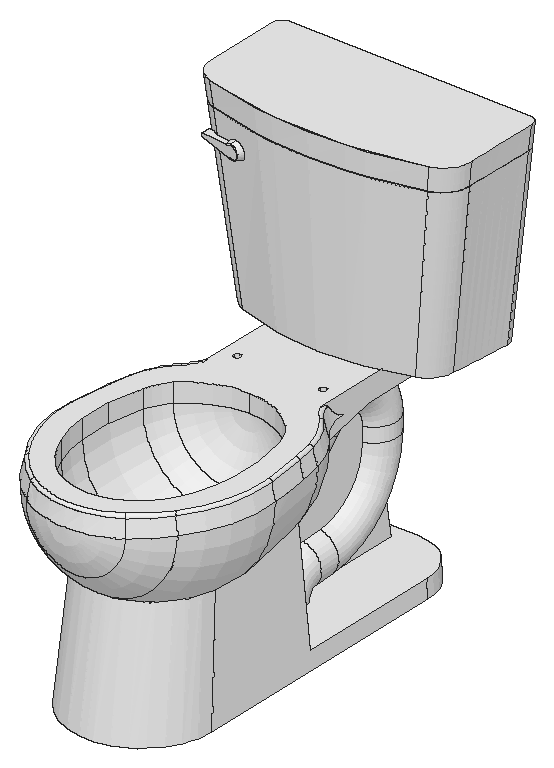
Revit family "Toilet-Floor_Mount-Sloan-WETS-8029_Series", category Plumbing Fixtures, Revit 2014
Parameters (values of type "WETS-8029.8010")
  Width = 18 1/8"
  Waste Connection Radius = 1 1/16"
  Waste Connection Diameter = Waste Connection Radius * 2  # 2 1/8"
  Waste Connection = yes
  WFU = 10
  Vent Connection = no
  URL = "https://www.sloan.com"
  Spud Location = "Top Spud"
  Right Handle = no
  Product Page URL = ""
  Price = "Prices may vary. Please consult Manufacturer Representative for most up-to-date price list."  # constant formula
  Mounting = "Floor Mount"
  Model = "WETS-8029.8010"
  Material = "Vitreous China-Sloan-White"
  Manufacturer = "Sloan"
  Length = 30 3/8"
  Left Handle = yes
  Height = 29 5/8"  # constant formula
  HWFU = 0
  HW Connection = no
  Glaze = "Conventional"
  Flush Volume(s)/Flow Rate(s) = "1.28 gpf/4.8 Lpf"
  Fixture Color = "White"
  Description = "ADA floor mounted elongated pressure assist toilet"  # constant formula
  Default Elevation = 0"
  Creation Date = "4/27/2018"  # constant formula
  Cold Water Connection Radius = 1/4"
  Cold Water Connection Diameter = Cold Water Connection Radius * 2  # 1/2"
  CWFU = 10
  CW Connection = yes
  Assembly Code = "D2010110"
  ADA Compliant = yes
Types (12): name | Right Handle | Model | Left Handle | Glaze | Flush Volume(s)/Flow Rate(s)
  WETS-8029.8016 | no | "WETS-8029.8016" | yes | "Conventional" | "1.0 gpf/3.8 Lpf"
  WETS-8029.8010 | no | "WETS-8029.8010" | yes | "Conventional" | "1.28 gpf/4.8 Lpf"
  WETS-8029.8013 | no | "WETS-8029.8013" | yes | "Conventional" | "1.6 gpf/6.0 Lpf"
  WETS-8029.8116 | yes | "WETS-8029.8116" | no | "Conventional" | "1.0 gpf/3.8 Lpf"
  WETS-8029.8110 | yes | "WETS-8029.8110" | no | "Conventional" | "1.28 gpf/4.8 Lpf"
  WETS-8029.8113 | yes | "WETS-8029.8113" | no | "Conventional" | "1.6 gpf/6.0 Lpf"
  WETS-8029.8010-STG | no | "WETS-8029.8010-STG" | yes | "SloanTec" | "1.28 gpf/4.8 Lpf"
  WETS-8029.8013-STG | no | "WETS-8029.8013" | yes | "SloanTec" | "1.6 gpf/6.0 Lpf"
  WETS-8029.8016-STG | no | "WETS-8029.8016-STG" | yes | "SloanTec" | "1.0 gpf/3.8 Lpf"
  WETS-8029.8113-STG | yes | "WETS-8029.8113-STG" | no | "SloanTec" | "1.6 gpf/6.0 Lpf"
  WETS-8029.8116-STG | yes | "WETS-8029.8116-STG" | no | "SloanTec" | "1.0 gpf/3.8 Lpf"
  WETS-8029.8110-STG | yes | "WETS-8029.8110-STG" | no | "SloanTec" | "1.28 gpf/4.8 Lpf"
Reference planes
  plane 1 "Center (Front/Back)": y = 0
  plane 2: z = 0
  plane 3 "Center (Left/Right)": x = 0
  plane 4: x = -201.612
  plane 5: x = 201.613
  plane 6: z = 752.475
  plane 7: z = 254
  plane 8: y = -19.05
  plane 9: y = -790.575
  plane 10: z = 393.7
  plane 11: y = -307.975
  plane 12: y = -304.8
  plane 13: y = -739.775
  plane 14: x = -231.775
  plane 15: x = 231.775
  plane 16: x = -187.325
  plane 17: x = 187.325
  plane 18: y = -762.786
  plane 19: y = -247.65
  plane 20: x = -104.339
  plane 21: x = 104.339
  plane 22: x = -76.2
  plane 23: x = 76.2
Forms (mm)
  Blend 1, solid, material "Vitreous China-Sloan-White"
    base sketch origin (0, 0, 0) x (1, 0, 0) y (0, 1, 0)
      loop
        arc (-34.925, -45.045) -> (-97.787, -71.084) -> (-123.825, -133.945) r 88.9
        line (-123.825, -133.945) -> (-123.825, -615.95)
        arc (-123.825, -615.95) -> (0, -739.775) -> (123.825, -615.95) r 123.825
        line (123.825, -615.95) -> (123.825, -133.945)
        arc (123.825, -133.945) -> (97.787, -71.084) -> (34.925, -45.045) r 88.9
        line (34.925, -45.045) -> (-34.925, -45.045)
    top sketch origin (0, 0, 0) x (1, 0, 0) y (0, 1, 0)
      loop
        arc (-109.537, -584.301) -> (0, -693.838) -> (109.537, -584.301) r 109.537
        line (109.537, -584.301) -> (109.537, -133.945)
        arc (109.537, -133.945) -> (83.499, -71.084) -> (20.637, -45.045) r 88.9
        line (20.637, -45.045) -> (-20.637, -45.045)
        arc (-20.637, -45.045) -> (-83.499, -71.084) -> (-109.537, -133.945) r 88.9
        line (-109.537, -133.945) -> (-109.537, -584.301)
    from 0 to 312.058
  Extrusion 2, solid, material "Vitreous China-Sloan-White", visible <- "Left Handle"
    sketch origin (0, 0, -25.4) x (0, 1, 0) y (0, 0, 1)
      loop
        line (-369.05, 348.14) -> (-241.882, 379.846) -> (-70.211, 379.846) -> (-64.931, 440.2) -> (-185.947, 440.2)
        arc (-185.947, 440.2) -> (-192.127, 425.28) -> (-207.047, 419.1) r 21.1
        line (-207.047, 419.1) -> (-369.05, 419.1) -> (-369.05, 348.14)
    from -104.047 to 104.047
  Sweep 3, solid, material "Vitreous China-Sloan-White", visible <- "Left Handle"
    path origin (0, 0, 0) x (0, 1, 0) y (0, 0, 1)
      loop
        line (-304.8, -7.584) -> (-304.8, 30.289)
        arc (-304.8, 30.289) -> (-293.174, 59.429) -> (-264.682, 72.564) r 42.333
        line (-264.682, 72.564) -> (-226.487, 74.566)
        arc (-226.487, 74.566) -> (-134.627, 116.914) -> (-97.145, 210.864) r 136.485
        line (-97.145, 210.864) -> (-97.145, 236.948)
        arc (-97.145, 236.948) -> (-144.28, 307.387) -> (-227.373, 290.682) r 76.2
        arc (-227.373, 290.682) -> (-233.15, 284.615) -> (-238.657, 278.301) r 192.236
        arc (-238.657, 278.301) -> (-334.604, 206.706) -> (-452.54, 186.145) r 257.901
    profile origin (0, -304.8, 11.352) x (0, -1, 0) y (1, 0, 0)
      loop
        circle (0, 0) r 38.1
  Extrusion 4, solid, material "Vitreous China-Sloan-White"
    sketch origin (22.443, 0, 0) x (0, 1, 0) y (0, 0, 1)
      loop
        line (-68.2, 389.4) -> (-235.377, 389.4) -> (-261.569, 382.87) -> (-496.95, 175.082) -> (-484.132, 28.575) -> (-70.397, 28.575)
        arc (-70.397, 28.575) -> (-82.455, 126.803) -> (-68.088, 224.72) r 370.607
        arc (-68.088, 224.72) -> (-59.936, 265.377) -> (-58.507, 306.818) r 254
        arc (-58.507, 306.818) -> (-61.916, 348.278) -> (-68.2, 389.4) r 598.021
    from -28.793 to -16.093
  Extrusion 5, solid, not visible
    sketch origin (0, 0.794, 0) x (1, 0, 0) y (0, 0, 1)
      loop
        circle (-152.4, 254) r 6.35
    from 0 to 0.794
  Blend 6, solid, material "Vitreous China-Sloan-White"
    base sketch origin (0, 0.822, 430.81) x (1, 0, 0) y (0, 1, 0)
      loop
        line (-196.16, -48.519) -> (-186.739, -156.202)
        arc (-186.739, -156.202) -> (-176.518, -182.59) -> (-153.766, -199.416) r 50.8
        arc (-153.766, -199.416) -> (0, -226.96) -> (153.766, -199.416) r 442.975
        arc (153.766, -199.416) -> (176.518, -182.59) -> (186.739, -156.202) r 50.8
        line (186.739, -156.202) -> (196.16, -48.519)
        arc (196.16, -48.519) -> (191.227, -33.989) -> (177.182, -27.809) r 19.05
        line (177.182, -27.809) -> (-177.182, -27.809)
        arc (-177.182, -27.809) -> (-191.227, -33.989) -> (-196.16, -48.519) r 19.05
    top sketch origin (0, 0.822, 430.81) x (1, 0, 0) y (0, 1, 0)
      loop
        arc (-212.725, -19.872) -> (-226.195, -25.451) -> (-231.775, -38.922) r 19.05
        line (-231.775, -38.922) -> (-231.775, -172.47)
        arc (-231.775, -172.47) -> (-221.507, -203.094) -> (-194.854, -221.338) r 50.8
        arc (-194.854, -221.338) -> (0, -248.472) -> (194.854, -221.338) r 713.209
        arc (194.854, -221.338) -> (221.507, -203.094) -> (231.775, -172.47) r 50.8
        line (231.775, -172.47) -> (231.775, -38.922)
        arc (231.775, -38.922) -> (226.195, -25.451) -> (212.725, -19.872) r 19.05
        line (212.725, -19.872) -> (-212.725, -19.872)
    from -37.11 to 321.665
  Extrusion 7, solid, material "Vitreous China-Sloan-White", visible <- "Left Handle"
    sketch origin (-20.292, -269.587, 924.407) x (-0.97881, 0.203994, 0.017847) y (0, 0.087156, -0.996195)
      loop
        line (127, 257.261) -> (188.747, 261.579)
        arc (188.747, 261.579) -> (192.467, 265.466) -> (188.955, 269.542) r 4.001
        line (188.955, 269.542) -> (127, 277.149) -> (127, 257.261)
    from 0 to 12.7
  Revolve 8, solid, material "Vitreous China-Sloan-White", visible <- "Left Handle"
    sketch origin (-369.854, -1316.287, 832.833) x (-0.204773, -0.975085, -0.085309) y (0, 0.087156, -0.996195)
      loop
        line (-1100.014, 265.639) -> (-1087.314, 265.639) -> (-1087.314, 277.803) -> (-1087.756, 278.482) -> (-1100.014, 282.465) -> (-1100.014, 265.639)
      axis (-1100.014, 265.639) -> (-1087.314, 265.639)
    angle from 0 to 360
  Revolve 9, solid, material "Vitreous China-Sloan-White", visible <- "Left Handle"
    sketch origin (0, -107.509, 360.362) x (1, 0, 0) y (0, 1, 0)
      loop
        line (0, -683.066) -> (0, -633.619)
        arc (0, -633.619) -> (-54.455, -620.155) -> (-96.361, -582.866) r 116.854
        arc (-96.361, -582.866) -> (-108.844, -562.27) -> (-118.928, -540.399) r 213.603
        arc (-118.928, -540.399) -> (-129.044, -507.813) -> (-134.203, -474.085) r 228.843
        arc (-134.203, -474.085) -> (-133.643, -413.542) -> (-122.68, -353.997) r 350.763
        arc (-122.68, -353.997) -> (-114.097, -332.991) -> (-100.788, -314.61) r 95.25
        arc (-100.788, -314.61) -> (-55.004, -282.028) -> (0, -270.524) r 137.251
        line (0, -270.524) -> (0, -209.239)
        arc (0, -209.239) -> (-18.194, -209.694) -> (-36.342, -211.057) r 364.157
        arc (-36.342, -211.057) -> (-122.715, -249.087) -> (-170.133, -330.684) r 152.4
        arc (-170.133, -330.684) -> (-180.229, -386.679) -> (-186.583, -443.221) r 855.912
        arc (-186.583, -443.221) -> (-178.018, -528.288) -> (-140.189, -604.962) r 240.102
        arc (-140.189, -604.962) -> (-116.352, -632.223) -> (-88.426, -655.277) r 223.457
        arc (-88.426, -655.277) -> (-46.345, -675.956) -> (0, -683.066) r 154.581
      axis (0, -209.239) -> (0, -683.066)
    angle from 0 to 180
  Extrusion 10, solid, material "Vitreous China-Sloan-White"
    sketch origin (0, -122.297, -1.685) x (1, 0, 0) y (0, 0, 1)
      loop
        arc (57.698, 221.011) -> (0.981, 212.195) -> (-56.307, 215.748) r 266.082
        line (-56.307, 215.748) -> (-39.243, 151.174)
        arc (-39.243, 151.174) -> (0, 120.954) -> (39.243, 151.174) r 40.59
        line (39.243, 151.174) -> (57.698, 221.011)
    from 346.299 to 429.496
  Blend 11, solid, material "Vitreous China-Sloan-White"
    base sketch origin (0, -108.545, 375.1) x (1, 0, 0) y (0, 0, 1)
      loop
        line (25.325, -14.42) -> (-25.325, -14.42) -> (-25.325, -20.654)
        arc (-25.325, -20.654) -> (0, -45.979) -> (25.325, -20.654) r 25.325
        line (25.325, -20.654) -> (25.325, -14.42)
    top sketch origin (0, -108.545, 375.1) x (1, 0, 0) y (0, 0, 1)
      loop
        line (46.038, -14.42) -> (-46.037, -14.42) -> (-46.037, -23.887)
        arc (-46.037, -23.887) -> (0, -69.925) -> (46.038, -23.887) r 46.037
        line (46.038, -23.887) -> (46.038, -14.42)
    from 129.035 to 108.105
  Blend 12, solid, material "Vitreous China-Sloan-White"
    base sketch origin (0, -108.545, 375.1) x (1, 0, 0) y (0, 0, 1)
      loop
        line (46.038, -14.42) -> (-46.037, -14.42) -> (-46.037, -23.887)
        arc (-46.037, -23.887) -> (0, -69.925) -> (46.038, -23.887) r 46.037
        line (46.038, -23.887) -> (46.038, -14.42)
    top sketch origin (0, -108.545, 375.1) x (1, 0, 0) y (0, 0, 1)
      loop
        line (46.038, -14.42) -> (-46.037, -14.42) -> (-46.037, -43.731)
        arc (-46.037, -43.731) -> (0, -89.769) -> (46.038, -43.731) r 46.038
        line (46.038, -43.731) -> (46.038, -14.42)
    from 108.105 to 38.1
  Sweep 13, solid, material "Vitreous China-Sloan-White"
    path origin (0, -122.297, 0) x (0, 1, 0) y (0, 0, 1)
      loop
        arc (-352.549, 201.173) -> (-327.484, 201.16) -> (-302.744, 205.182) r 155.194
        arc (-302.744, 205.182) -> (-278.132, 217.142) -> (-260.549, 238.11) r 65.532
        arc (-260.549, 238.11) -> (-246.125, 268.805) -> (-234.718, 300.744) r 352.298
        arc (-234.718, 300.744) -> (-234.446, 301.431) -> (-234.066, 302.064) r 4.499
        arc (-234.066, 302.064) -> (-210.936, 321.963) -> (-181.277, 329.121) r 65.024
        line (-181.277, 329.121) -> (-115.283, 329.121)
    profile origin (0, -270.577, 329.121) x (0, 0, 1) y (1, 0, 0)
      loop
        line (25.325, -25.325) -> (25.325, 25.325)
        arc (25.325, 25.325) -> (0, 0) -> (25.325, -25.325) r 25.325
  Sweep 14, solid, material "Vitreous China-Sloan-White", visible <- "Left Handle"
    path origin (0, 0, 0) x (1, 0, 0) y (0, 1, 0)
      loop
        line (-104.047, -185.947) -> (-104.047, -295.646)
        arc (-104.047, -295.646) -> (-111.251, -333.222) -> (-131.841, -365.47) r 101.6
        arc (-131.841, -365.47) -> (-155.982, -399.201) -> (-170.133, -438.192) r 152.4
        arc (-170.133, -438.192) -> (-174.125, -457.895) -> (-177.652, -477.686) r 855.912
        arc (-177.652, -477.686) -> (-182.903, -514.112) -> (-186.583, -550.729) r 855.912
        arc (-186.583, -550.729) -> (-178.018, -635.797) -> (-140.189, -712.47) r 240.102
        arc (-140.189, -712.47) -> (-116.352, -739.732) -> (-88.426, -762.786) r 223.457
        arc (-88.426, -762.786) -> (0, -790.575) -> (88.426, -762.786) r 154.581
        arc (88.426, -762.786) -> (116.352, -739.732) -> (140.189, -712.47) r 223.457
        arc (140.189, -712.47) -> (178.018, -635.797) -> (186.583, -550.729) r 240.102
        arc (186.583, -550.729) -> (182.903, -514.112) -> (177.652, -477.686) r 855.912
        arc (177.652, -477.686) -> (174.125, -457.895) -> (170.133, -438.192) r 855.912
        arc (170.133, -438.192) -> (155.982, -399.201) -> (131.841, -365.47) r 152.4
        arc (131.841, -365.47) -> (111.251, -333.222) -> (104.047, -295.646) r 101.6
        line (104.047, -295.646) -> (104.047, -185.947)
    profile origin (0, -790.575, 0) x (0, 1, 0) y (0, 0, 1)
      loop
        line (0, 360.362) -> (18.191, 360.362) -> (18.191, 393.7) -> (12.748, 393.7)
        arc (12.748, 393.7) -> (8.795, 392.32) -> (6.56, 388.778) r 6.35
        line (6.56, 388.778) -> (0, 360.362)
  Extrusion 15, void
    sketch origin (0, 0, 0) x (1, 0, 0) y (0, 1, 0)
      loop
        arc (118.928, -647.907) -> (129.044, -615.321) -> (134.203, -581.593) r 228.843
        arc (134.203, -581.593) -> (135.243, -552.98) -> (133.946, -524.377) r 350.763
        arc (133.946, -524.377) -> (129.747, -492.684) -> (122.68, -461.506) r 350.763
        arc (122.68, -461.506) -> (114.097, -440.499) -> (100.788, -422.119) r 95.25
        arc (100.788, -422.119) -> (55.004, -389.536) -> (0, -378.032) r 137.251
        arc (0, -378.032) -> (-55.004, -389.536) -> (-100.788, -422.119) r 137.251
        arc (-100.788, -422.119) -> (-114.097, -440.499) -> (-122.68, -461.506) r 95.25
        arc (-122.68, -461.506) -> (-129.747, -492.684) -> (-133.946, -524.377) r 350.763
        arc (-133.946, -524.377) -> (-135.243, -552.98) -> (-134.203, -581.593) r 350.763
        arc (-134.203, -581.593) -> (-129.044, -615.321) -> (-118.928, -647.907) r 228.843
        arc (-118.928, -647.907) -> (-108.844, -669.778) -> (-96.361, -690.375) r 213.603
        arc (-96.361, -690.375) -> (-54.455, -727.664) -> (0, -741.127) r 116.854
        arc (0, -741.127) -> (54.455, -727.664) -> (96.361, -690.375) r 116.854
        arc (96.361, -690.375) -> (108.844, -669.778) -> (118.928, -647.907) r 213.603
    from 360.362 to 393.7
  Extrusion 16, solid, material "Vitreous China-Sloan-White", visible <- "Left Handle"
    sketch origin (0, 0, 0) x (1, 0, 0) y (0, 1, 0)
      loop
        arc (-168.448, -552.159) -> (-160.532, -630.781) -> (-125.569, -701.646) r 221.912
        arc (-125.569, -701.646) -> (-103.673, -726.688) -> (-78.02, -747.865) r 205.266
        arc (-78.02, -747.865) -> (0, -772.384) -> (78.02, -747.865) r 136.39
        arc (78.02, -747.865) -> (103.673, -726.688) -> (125.569, -701.646) r 205.266
        arc (125.569, -701.646) -> (160.532, -630.781) -> (168.448, -552.159) r 221.912
        arc (168.448, -552.159) -> (164.847, -516.319) -> (159.708, -480.668) r 837.721
        arc (159.708, -480.668) -> (156.255, -461.297) -> (152.348, -442.013) r 837.721
        arc (152.348, -442.013) -> (139.886, -407.676) -> (118.627, -377.971) r 134.209
        arc (118.627, -377.971) -> (110.867, -368.903) -> (104.047, -359.107) r 119.791
        line (104.047, -359.107) -> (104.047, -369.05) -> (-104.047, -369.05) -> (-104.047, -359.107)
        arc (-104.047, -359.107) -> (-110.867, -368.903) -> (-118.627, -377.971) r 119.791
        arc (-118.627, -377.971) -> (-139.886, -407.676) -> (-152.348, -442.013) r 134.209
        arc (-152.348, -442.013) -> (-156.255, -461.297) -> (-159.708, -480.668) r 837.721
        arc (-159.708, -480.668) -> (-164.847, -516.319) -> (-168.448, -552.159) r 837.721
    from 360.362 to 393.7
  Extrusion 17, void
    sketch origin (0, 0, 0) x (0, 1, 0) y (0, 0, 1)
      loop
        line (-419.1, 368.114) -> (-395.566, 31.564) -> (-10.202, 31.564) -> (-10.202, 368.114) -> (-419.1, 368.114)
    from -219.74 to 304.8
  Revolve 18, void
    sketch origin (0, -107.509, 360.362) x (1, 0, 0) y (0, 1, 0)
      loop
        line (0, -639.969) -> (0, -264.174)
        arc (0, -264.174) -> (-57.549, -276.21) -> (-105.451, -310.3) r 143.601
        arc (-105.451, -310.3) -> (-119.647, -329.906) -> (-128.802, -352.313) r 101.6
        arc (-128.802, -352.313) -> (-139.964, -412.935) -> (-140.534, -474.574) r 357.113
        arc (-140.534, -474.574) -> (-135.232, -509.238) -> (-124.835, -542.728) r 235.193
        arc (-124.835, -542.728) -> (-114.451, -565.249) -> (-101.598, -586.458) r 219.953
        arc (-101.598, -586.458) -> (-57.414, -625.773) -> (0, -639.969) r 123.204
      axis (0, -264.174) -> (0, -639.969)
    angle from 0 to 180
  Extrusion 19, void
    sketch origin (0, 0, 0) x (1, 0, 0) y (0, 1, 0)
      loop
        circle (-76.2, -307.975) r 6.35
      loop
        circle (76.2, -307.975) r 6.35
    from 341.312 to 499.954
  Extrusion 20, solid, material "Vitreous China-Sloan-White", visible <- "Right Handle"
    sketch origin (20.292, -269.587, 924.407) x (0.97881, 0.203994, 0.017847) y (0, -0.087156, 0.996195)
      loop
        line (127, -257.261) -> (127, -277.149) -> (188.955, -269.542)
        arc (188.955, -269.542) -> (192.467, -265.466) -> (188.747, -261.579) r 4.001
        line (188.747, -261.579) -> (127, -257.261)
    from 0 to 12.7
  Revolve 21, solid, material "Vitreous China-Sloan-White", visible <- "Right Handle"
    sketch origin (369.854, -1316.287, 832.833) x (0.204773, -0.975085, -0.085309) y (0, -0.087156, 0.996195)
      loop
        line (-1100.014, -265.639) -> (-1100.014, -282.465) -> (-1087.756, -278.482) -> (-1087.314, -277.803) -> (-1087.314, -265.639) -> (-1100.014, -265.639)
      axis (-1100.014, -265.639) -> (-1087.314, -265.639)
    angle from 0 to 360
  Extrusion 22, void
    sketch origin (0, 0, 31.75) x (1, 0, 0) y (0, 1, 0)
      loop
        arc (-212.725, -19.05) -> (-226.195, -24.63) -> (-231.775, -38.1) r 19.05
        line (-231.775, -38.1) -> (-231.775, -171.649)
        arc (-231.775, -171.649) -> (-221.507, -202.272) -> (-194.854, -220.516) r 50.8
        arc (-194.854, -220.516) -> (0, -247.65) -> (194.854, -220.516) r 713.209
        arc (194.854, -220.516) -> (221.507, -202.272) -> (231.775, -171.649) r 50.8
        line (231.775, -171.649) -> (231.775, -38.1)
        arc (231.775, -38.1) -> (226.195, -24.63) -> (212.725, -19.05) r 19.05
        line (212.725, -19.05) -> (-212.725, -19.05)
      loop
        line (-225.425, -38.1) -> (-225.425, -171.649)
        arc (-225.425, -171.649) -> (-216.441, -198.444) -> (-193.119, -214.408) r 44.45
        arc (-193.119, -214.408) -> (0, -241.3) -> (193.119, -214.408) r 706.859
        arc (193.119, -214.408) -> (216.441, -198.444) -> (225.425, -171.649) r 44.45
        line (225.425, -171.649) -> (225.425, -38.1)
        arc (225.425, -38.1) -> (221.705, -29.12) -> (212.725, -25.4) r 12.7
        line (212.725, -25.4) -> (-212.725, -25.4)
        arc (-212.725, -25.4) -> (-221.705, -29.12) -> (-225.425, -38.1) r 12.7
    from 678.093 to 679.681
Cuts and joins
  Extrusion 15, Extrusion 19 cuts Extrusion 2
  Extrusion 15 cuts Sweep 3
  Extrusion 15 cuts Extrusion 7
  Extrusion 15 cuts Revolve 8
  Extrusion 15 cuts Revolve 9
  Extrusion 15 cuts Extrusion 16
  joined: Extrusion 2, Sweep 3, Extrusion 7, Revolve 8, Revolve 9, Sweep 14, Extrusion 16
  Extrusion 15, Extrusion 17, Revolve 18, Extrusion 19 cuts Blend 1
  Extrusion 15 cuts Extrusion 4
  Extrusion 15 cuts Extrusion 10
  Extrusion 15 cuts Sweep 13
  joined: Extrusion 20, Revolve 21
  Extrusion 22 cuts Blend 6
Lines and regions (mm)
  Masking region 1
    outline origin (0, 0, 0) x (1, 0, 0) y (0, 1, 0)
      loop
        line (212.725, -19.05) -> (-212.725, -19.05)
        arc (-212.725, -19.05) -> (-226.195, -24.63) -> (-231.775, -38.1) r 19.05
        line (-231.775, -38.1) -> (-231.775, -171.649)
        arc (-231.775, -171.649) -> (-221.507, -202.272) -> (-194.854, -220.516) r 50.8
        arc (-194.854, -220.516) -> (-159.548, -229.575) -> (-123.825, -236.819) r 713.209
        line (-123.825, -236.819) -> (-123.825, -355.877)
        arc (-123.825, -355.877) -> (-127.686, -360.797) -> (-131.841, -365.47) r 101.6
        arc (-131.841, -365.47) -> (-155.982, -399.201) -> (-170.133, -438.192) r 152.4
        arc (-170.133, -438.192) -> (-174.125, -457.895) -> (-177.652, -477.686) r 855.912
        arc (-177.652, -477.686) -> (-182.903, -514.112) -> (-186.583, -550.729) r 855.912
        arc (-186.583, -550.729) -> (-178.018, -635.797) -> (-140.189, -712.47) r 240.102
        arc (-140.189, -712.47) -> (-116.352, -739.732) -> (-88.426, -762.786) r 223.457
        arc (-88.426, -762.786) -> (0, -790.575) -> (88.426, -762.786) r 154.581
        arc (88.426, -762.786) -> (116.352, -739.732) -> (140.189, -712.47) r 223.457
        arc (140.189, -712.47) -> (178.018, -635.797) -> (186.583, -550.729) r 240.102
        arc (186.583, -550.729) -> (182.903, -514.112) -> (177.652, -477.686) r 855.912
        arc (177.652, -477.686) -> (174.125, -457.895) -> (170.133, -438.192) r 855.912
        arc (170.133, -438.192) -> (155.982, -399.201) -> (131.841, -365.47) r 152.4
        arc (131.841, -365.47) -> (127.686, -360.797) -> (123.825, -355.877) r 101.6
        line (123.825, -355.877) -> (123.825, -236.819)
        arc (123.825, -236.819) -> (159.548, -229.575) -> (194.854, -220.516) r 713.209
        arc (194.854, -220.516) -> (221.507, -202.272) -> (231.775, -171.649) r 50.8
        line (231.775, -171.649) -> (231.775, -38.1)
        arc (231.775, -38.1) -> (226.195, -24.63) -> (212.725, -19.05) r 19.05
  symbolic lines, detail levels medium+fine
    curve 1: arc (-123.825, -236.819, 0) -> (0, -247.65, 0) -> (123.825, -236.819, 0) r 713.209
    curve 2: arc (-100.788, -422.119, 0) -> (-55.004, -389.536, 0) -> (0, -378.032, 0) r 137.251
    curve 3: arc (0, -378.032, 0) -> (55.004, -389.536, 0) -> (100.788, -422.119, 0) r 137.251
    curve 4: arc (100.788, -422.119, 0) -> (114.097, -440.499, 0) -> (122.68, -461.506, 0) r 95.25
    curve 5: arc (122.68, -461.506, 0) -> (129.747, -492.684, 0) -> (133.946, -524.377, 0) r 350.763
    curve 6: arc (133.946, -524.377, 0) -> (135.243, -552.98, 0) -> (134.203, -581.593, 0) r 350.763
    curve 7: arc (134.203, -581.593, 0) -> (129.044, -615.321, 0) -> (118.928, -647.907, 0) r 228.843
    curve 8: arc (118.928, -647.907, 0) -> (108.844, -669.778, 0) -> (96.361, -690.375, 0) r 213.603
    curve 9: arc (96.361, -690.375, 0) -> (54.455, -727.664, 0) -> (0, -741.127, 0) r 116.854
    curve 10: arc (0, -741.127, 0) -> (-54.455, -727.664, 0) -> (-96.361, -690.375, 0) r 116.854
    curve 11: arc (-96.361, -690.375, 0) -> (-108.844, -669.778, 0) -> (-118.928, -647.907, 0) r 213.603
    curve 12: arc (-118.928, -647.907, 0) -> (-129.044, -615.321, 0) -> (-134.203, -581.593, 0) r 228.843
    curve 13: arc (-134.203, -581.593, 0) -> (-135.243, -552.98, 0) -> (-133.946, -524.377, 0) r 350.763
    curve 14: arc (-133.946, -524.377, 0) -> (-129.747, -492.684, 0) -> (-122.68, -461.506, 0) r 350.763
    curve 15: arc (-122.68, -461.506, 0) -> (-114.097, -440.499, 0) -> (-100.788, -422.119, 0) r 95.25
  symbolic lines, detail levels fine
    curve 16: circle (-76.2, -307.975, 0) r 6.35 normal (0, 0, 1)
    curve 17: circle (76.2, -307.975, 0) r 6.35 normal (0, 0, 1)
Dimensions and locks
  "Height": plane 6 to level
  locked: plane 7 to level at 254
  plane 1 "Center (Front/Back)" to plane 8 = 3/4"
  plane 10 to plane 2 = 15 1/2"
  plane 11 to plane 9 = 19"
  plane 1 "Center (Front/Back)" to plane 12 = 12"
  plane 12 to plane 13 = 17 1/8"
  plane 9 to plane 8 to plane 1 "Center (Front/Back)" = 30 3/8", 3/4"
  plane 15 to plane 14 = 18 1/4"
  plane 17 to plane 16 = 14 3/4"
  Extrusion 17 to level = 14.49266"
  plane 8 to plane 19 = 9"
  plane 9 to plane 11 = 19"
  plane 22 to plane 23 = 6"
  "Height": plane 6 to plane 2
  aligned and locked: plane 7 to Extrusion 5 sketch curve
Automatic sketch dimensions
  curve 2 to curve 3 = 0"  (x2)
  curve 5 to curve 6 = 0"  (x2)
  curve 9 to curve 10 = 0"  (x2)
  curve 13 to curve 14 = 0"  (x2)
  plane 11 to curve 16 = 0"
  curve 16 to plane 22 = 0"
  curve 3 to plane 3 "Center (Left/Right)" = 0"
  curve 10 to plane 3 "Center (Left/Right)" = 0"
  curve 1 to plane 3 "Center (Left/Right)" = 0"
  plane 11 to curve 17 = 0"
  curve 17 to plane 23 = 0"
  curve 8 to plane 22 = 0.141"
  plane 20 to curve 7 = 0.40868"
  plane 14 to curve 6 = 0.64012"
  curve 15 to plane 3 "Center (Left/Right)" = 1.21427"
  plane 3 "Center (Left/Right)" to curve 4 = 1.21427"
  curve 11 to plane 23 = 0.141"
  plane 21 to curve 12 = 0.40868"
  plane 15 to curve 13 = 0.64012"
  plane 11 to curve 4 = 7.03931"
  curve 15 to curve 4 = 0"
  curve 3 to curve 4 = 1.12242"
  curve 13 to curve 4 = 2.66858"
  curve 5 to plane 13 = 7.29211"
  curve 12 to curve 4 = 3.03858"
  curve 7 to curve 15 = 3.03858"
  curve 11 to curve 12 = 0.22012"
  curve 8 to curve 7 = 0.22012"
  curve 10 to curve 8 = 2.15467"
  curve 1 to plane 1 "Center (Front/Back)" = 18.3291"
  plane 20 to curve 10 = 0.3141"
  curve 11 to curve 10 = 0"
  plane 20 to curve 2 = 0.13982"
  curve 15 to curve 2 = 0"
  curve 12 to curve 11 = 0"
  curve 14 to curve 15 = 0"
  curve 1 to plane 20 = 0.76716"
  curve 14 to plane 20 = 1.16563"
  curve 8 to curve 9 = 0"
  curve 4 to curve 3 = 0"
  curve 7 to curve 8 = 0"
  curve 5 to curve 4 = 0"
  curve 1 to plane 21 = 0.76716"
  curve 5 to plane 21 = 1.16563"
  curve 1 to plane 19 = 0.42643"
  Blend 1 sketch curve to plane 3 "Center (Left/Right)" = 0"  (x2)
  Blend 1 sketch curve to plane 3 "Center (Left/Right)" = 1 3/8"
  Blend 1 sketch curve to plane 20 = 0.76716"
  plane 3 "Center (Left/Right)" to Blend 1 sketch curve = 1 3/8"
  Blend 1 sketch curve to plane 13 = 4 7/8"
  Blend 1 sketch curve to plane 19 = 4 61/128"  (x2)
  Blend 1 sketch curve to plane 3 "Center (Left/Right)" = 13/16"
  Blend 1 sketch curve to plane 20 = 0.20466"
  plane 3 "Center (Left/Right)" to Blend 1 sketch curve = 13/16"
  Blend 1 sketch curve to plane 13 = 6.12103"
  Extrusion 2 sketch curve to plane 10 = 0"
  plane 11 to Extrusion 2 sketch curve = 2.40453"
  Extrusion 2 sketch curve to plane 19 = 0.22708"
  Extrusion 2 sketch curve to plane 19 = 1.59853"
  plane 10 to Extrusion 2 sketch curve = 0.83072"
  plane 8 to Extrusion 2 sketch curve = 2.01421"
  plane 8 to Extrusion 2 sketch curve = 1.80632"
  Extrusion 2 sketch curve to plane 10 = 1.54541"
  Extrusion 2 sketch curve to plane 7 = 2.7063"
  Sweep 3 sketch curve to plane 12 = 0"
  plane 10 to Sweep 3 sketch curve = 1.96286"
  plane 11 to Sweep 3 sketch curve = 5.06618"
  plane 19 to Sweep 3 sketch curve = 0.67056"
  plane 19 to Sweep 3 sketch curve = 0.58333"
  Sweep 3 sketch curve to plane 19 = 0.55198"
  Sweep 3 sketch curve to plane 19 = 0.8332"
  plane 7 to Sweep 3 sketch curve = 0.67135"
  Sweep 3 sketch curve to Sweep 3 sketch curve = 2.37343"
  Sweep 3 sketch curve to Sweep 3 sketch curve = 3"
  Sweep 3 sketch curve to Sweep 3 sketch curve = 0.23912"
  Sweep 3 sketch curve to Sweep 3 sketch curve = 1.02691"
  Sweep 3 sketch curve to Sweep 3 sketch curve = 2.19457"
  Sweep 3 sketch curve to Sweep 3 sketch curve = 0.07881"
  plane 7 to Sweep 3 sketch curve = 2.67144"
  plane 11 to Sweep 3 sketch curve = 5.69153"
  Sweep 3 sketch curve to Sweep 3 sketch curve = 0"
  Sweep 3 sketch curve to level = 0.29859"
  Sweep 3 sketch curve to plane 3 "Center (Left/Right)" = 0"
  Sweep 3 sketch curve to profile plane = 0"
  Extrusion 4 sketch curve to plane 7 = 0.9672"
  Extrusion 4 sketch curve to plane 13 = 3.30371"
  plane 7 to Extrusion 4 sketch curve = 3.107"
  plane 11 to Extrusion 4 sketch curve = 7.43996"
  level to Extrusion 4 sketch curve = 1 1/8"
  Extrusion 4 sketch curve to Extrusion 4 sketch curve = 0.50463"
  plane 11 to Extrusion 4 sketch curve = 0.16726"
  plane 19 to Extrusion 4 sketch curve = 0.54798"
  Extrusion 4 sketch curve to plane 10 = 0.16928"
  Extrusion 4 sketch curve to plane 19 = 0.48319"
  plane 8 to Extrusion 4 sketch curve = 2.02153"
  plane 8 to Extrusion 4 sketch curve = 1.93503"
  level to Extrusion 4 sketch curve = 4.8205"
  Extrusion 4 sketch curve to plane 1 "Center (Front/Back)" = 11.34356"
  Extrusion 4 sketch curve to plane 7 = 1.60704"
  Extrusion 4 sketch curve to plane 10 = 0.42638"
  Extrusion 4 sketch curve to Extrusion 4 sketch curve = 0"
  plane 16 to Extrusion 5 sketch curve = 1 3/8"
  Blend 6 sketch curve to plane 3 "Center (Left/Right)" = 0"  (x2)
  Blend 6 sketch curve to plane 20 = 1.25169"
  plane 16 to Blend 6 sketch curve = 0.39932"
  plane 16 to Blend 6 sketch curve = 0.02308"
  plane 4 to Blend 6 sketch curve = 0.21467"
  Blend 6 sketch curve to plane 21 = 1.25169"
  plane 17 to Blend 6 sketch curve = 0.39932"
  plane 17 to Blend 6 sketch curve = 0.02308"
  plane 5 to Blend 6 sketch curve = 0.21467"
  Blend 6 sketch curve to plane 19 = 3.63266"  (x2)
  Blend 6 sketch curve to Blend 6 sketch curve = 0.17431"  (x2)
  plane 8 to Blend 6 sketch curve = 1.12787"  (x2)
  Blend 6 sketch curve to Blend 6 sketch curve = 0.06537"
  Blend 6 sketch curve to plane 1 "Center (Front/Back)" = 8.53691"
  Blend 6 sketch curve to Blend 6 sketch curve = 0"  (x2)
  Blend 6 sketch curve to plane 14 = 0"
  plane 8 to Blend 6 sketch curve = 0"
  Blend 6 sketch curve to plane 15 = 0"
  Blend 6 sketch curve to Blend 6 sketch curve = 3/4"  (x2)
  plane 16 to Blend 6 sketch curve = 1/4"
  plane 17 to Blend 6 sketch curve = 1/4"
  Blend 6 sketch curve to plane 19 = 2 127/128"  (x2)
  Blend 6 sketch curve to plane 1 "Center (Front/Back)" = 18.3291"
  Extrusion 7 sketch curve to Extrusion 7 sketch curve = 2.41998"
  Extrusion 7 sketch curve to Extrusion 7 sketch curve = 0.01099"
  Extrusion 7 sketch curve to Extrusion 7 sketch curve = 0.0192"
  Extrusion 7 sketch curve to Extrusion 7 sketch curve = 0.16999"
  Extrusion 7 sketch curve to Extrusion 7 sketch curve = 0.15715"
  Extrusion 7 sketch curve to Extrusion 7 sketch curve = 0.78299"
  Revolve 8 sketch curve to Revolve 8 sketch curve = 0.48262"
  Revolve 8 sketch curve to Revolve 8 sketch curve = 1/2"
  Revolve 8 sketch curve to Revolve 8 sketch curve = 0.47889"
  Revolve 8 sketch curve to Revolve 8 sketch curve = 0.02676"
  Revolve 8 sketch curve to Revolve 8 sketch curve = 0.15681"
  Revolve 8 sketch curve to Revolve 8 sketch curve = 0"  (x2)
  Revolve 8 sketch curve to Revolve 8 sketch curve = 0.11261"
  Masking region 1 sketch curve to Masking region 1 sketch curve = 0"  (x15)
  Masking region 1 sketch curve to plane 14 = 0"
  plane 8 to Masking region 1 sketch curve = 0"
  Masking region 1 sketch curve to plane 3 "Center (Left/Right)" = 0"  (x2)
  Masking region 1 sketch curve to plane 15 = 0"
  Masking region 1 sketch curve to plane 13 = 4.79501"  (x2)
  Masking region 1 sketch curve to plane 14 = 17.12237"
  Masking region 1 sketch curve to Masking region 1 sketch curve = 3/4"  (x2)
  Masking region 1 sketch curve to plane 12 = 0.36038"  (x2)
  Masking region 1 sketch curve to plane 16 = 0.72134"
  plane 16 to Masking region 1 sketch curve = 1/4"
  Masking region 1 sketch curve to plane 19 = 0.42643"  (x2)
  Masking region 1 sketch curve to plane 20 = 0.76716"
  plane 22 to Masking region 1 sketch curve = 0.92216"
  Masking region 1 sketch curve to Masking region 1 sketch curve = 0.52667"  (x2)
  Masking region 1 sketch curve to plane 3 "Center (Left/Right)" = 213/256"
  plane 3 "Center (Left/Right)" to Masking region 1 sketch curve = 213/256"
  plane 23 to Masking region 1 sketch curve = 1.44883"
  Masking region 1 sketch curve to plane 21 = 0.76716"
  plane 17 to Masking region 1 sketch curve = 1/4"
  Masking region 1 sketch curve to plane 17 = 0.72134"
  Masking region 1 sketch curve to plane 15 = 17.12237"
  Masking region 1 sketch curve to plane 13 = 4.08586"
  Masking region 1 sketch curve to Masking region 1 sketch curve = 2.22418"  (x2)
  Masking region 1 sketch curve to Masking region 1 sketch curve = 0.38996"  (x2)
  Masking region 1 sketch curve to Masking region 1 sketch curve = 3.913"
  plane 11 to Masking region 1 sketch curve = 1.88591"  (x2)
  Masking region 1 sketch curve to plane 19 = 2 127/128"  (x2)
  Masking region 1 sketch curve to plane 1 "Center (Front/Back)" = 18.3291"
  plane 16 to Masking region 1 sketch curve = 0.02923"
  plane 16 to Masking region 1 sketch curve = 0.38081"
  plane 17 to Masking region 1 sketch curve = 0.38081"
  Revolve 9 sketch curve to plane 3 "Center (Left/Right)" = 0"  (x3)
  plane 9 to Revolve 9 sketch curve = 0"
  Revolve 9 sketch curve to plane 3 "Center (Left/Right)" = 213/256"
  Revolve 9 sketch curve to Revolve 9 sketch curve = 0.38226"
  plane 23 to Revolve 9 sketch curve = 1.44883"
  Revolve 9 sketch curve to Revolve 9 sketch curve = 0.52667"
  Revolve 9 sketch curve to plane 23 = 0.141"
  plane 21 to Revolve 9 sketch curve = 0.40868"
  plane 15 to Revolve 9 sketch curve = 0.64012"
  Revolve 9 sketch curve to plane 13 = 4.79501"
  Revolve 9 sketch curve to plane 15 = 17.12237"
  plane 13 to Revolve 9 sketch curve = 0.05324"
  Revolve 9 sketch curve to plane 13 = 2.31773"
  Revolve 9 sketch curve to Revolve 9 sketch curve = 1.76813"
  Revolve 9 sketch curve to Revolve 9 sketch curve = 0.46147"
  Revolve 9 sketch curve to Revolve 9 sketch curve = 1.76271"
  Revolve 9 sketch curve to Revolve 9 sketch curve = 0.38996"
  Revolve 9 sketch curve to Revolve 9 sketch curve = 0.002"
  Revolve 9 sketch curve to Revolve 9 sketch curve = 0.22012"
  Revolve 9 sketch curve to Revolve 9 sketch curve = 0.37"
  Revolve 9 sketch curve to Revolve 9 sketch curve = 2.52823"
  Revolve 9 sketch curve to Revolve 9 sketch curve = 1.12242"
  Revolve 9 sketch curve to Revolve 9 sketch curve = 0.65231"
  plane 11 to Revolve 9 sketch curve = 2.75817"
  plane 11 to Revolve 9 sketch curve = 0.34538"
  Revolve 9 sketch curve to Revolve 9 sketch curve = 0"  (x8)
  plane 11 to Revolve 9 sketch curve = 0.16149"
  Revolve 9 sketch curve to plane 12 = 0.21351"
  Extrusion 10 sketch curve to plane 3 "Center (Left/Right)" = 0"
  Extrusion 10 sketch curve to plane 3 "Center (Left/Right)" = 0.44447"
  plane 22 to Extrusion 10 sketch curve = 1.455"
  plane 22 to Extrusion 10 sketch curve = 0.78318"
  plane 23 to Extrusion 10 sketch curve = 1.455"
  plane 23 to Extrusion 10 sketch curve = 0.72843"
  plane 7 to Extrusion 10 sketch curve = 4.11461"
  Extrusion 10 sketch curve to Extrusion 10 sketch curve = 0.40828"
  plane 7 to Extrusion 10 sketch curve = 1.57234"
  Extrusion 10 sketch curve to Extrusion 10 sketch curve = 2.74948"
  Blend 11 sketch curve to plane 3 "Center (Left/Right)" = 0"  (x2)
  Blend 11 sketch curve to plane 3 "Center (Left/Right)" = 0.99706"
  Blend 11 sketch curve to plane 10 = 1.54541"
  Blend 11 sketch curve to Blend 11 sketch curve = 0.24541"
  plane 22 to Blend 11 sketch curve = 1 3/16"
  Blend 11 sketch curve to plane 10 = 1.67271"
  Blend 11 sketch curve to Blend 11 sketch curve = 0.37271"
  Blend 12 sketch curve to plane 3 "Center (Left/Right)" = 0"  (x2)
  plane 22 to Blend 12 sketch curve = 1 3/16"  (x2)
  Blend 12 sketch curve to plane 10 = 1.67271"
  Blend 12 sketch curve to Blend 12 sketch curve = 0.37271"
  Blend 12 sketch curve to plane 10 = 2.45396"
  Blend 12 sketch curve to Blend 12 sketch curve = 1.15396"
  plane 10 to Sweep 13 sketch curve = 0.37098"
  Sweep 13 sketch curve to plane 13 = 1.79785"
  Sweep 13 sketch curve to plane 10 = 1.49"
  plane 11 to Sweep 13 sketch curve = 6.07313"
  Sweep 13 sketch curve to plane 7 = 0.58286"
  Sweep 13 sketch curve to Sweep 13 sketch curve = 0.84594"
  plane 11 to Sweep 13 sketch curve = 1.76123"
  Sweep 13 sketch curve to plane 12 = 0.04826"
  Sweep 13 sketch curve to plane 7 = 0.39753"
  Sweep 13 sketch curve to plane 7 = 1.78883"
  Sweep 13 sketch curve to Sweep 13 sketch curve = 1.1687"
  Sweep 13 sketch curve to Sweep 13 sketch curve = 1.34254"
  plane 7 to Sweep 13 sketch curve = 1.92196"
  Sweep 13 sketch curve to Sweep 13 sketch curve = 0"  (x3)
  Sweep 13 sketch curve to plane 19 = 0.39646"
  Sweep 13 sketch curve to profile plane = 0"
  Sweep 13 sketch curve to profile plane = 0.99706"  (x2)
  Sweep 14 sketch curve to Sweep 14 sketch curve = 0"  (x11)
  Sweep 14 sketch curve to plane 18 = 0"  (x4)
  Sweep 14 sketch curve to plane 3 "Center (Left/Right)" = 0"
  Sweep 14 sketch curve to plane 3 "Center (Left/Right)" = 213/256"
  plane 22 to Sweep 14 sketch curve = 1.44883"
  Sweep 14 sketch curve to Sweep 14 sketch curve = 0.52667"  (x2)
  plane 20 to Sweep 14 sketch curve = 0.01151"
  Sweep 14 sketch curve to plane 12 = 0.36038"  (x2)
  Sweep 14 sketch curve to plane 16 = 0.72134"
  Sweep 14 sketch curve to plane 13 = 4.79501"  (x2)
  Sweep 14 sketch curve to plane 14 = 17.12237"
  plane 3 "Center (Left/Right)" to Sweep 14 sketch curve = 213/256"
  plane 23 to Sweep 14 sketch curve = 1.44883"
  plane 21 to Sweep 14 sketch curve = 0.01151"
  Sweep 14 sketch curve to plane 17 = 0.72134"
  Sweep 14 sketch curve to plane 15 = 17.12237"
  Sweep 14 sketch curve to plane 13 = 4.08586"
  Sweep 14 sketch curve to Sweep 14 sketch curve = 2.22418"
  Sweep 14 sketch curve to Sweep 14 sketch curve = 0.38996"  (x2)
  Sweep 14 sketch curve to Sweep 14 sketch curve = 3.913"
  plane 16 to Sweep 14 sketch curve = 0.38081"
  plane 17 to Sweep 14 sketch curve = 0.38081"
  Sweep 14 sketch curve to plane 19 = 2.42925"  (x2)
  Sweep 14 sketch curve to profile plane = 0"
  Sweep 14 sketch curve to profile plane = 0.25828"
  Sweep 14 sketch curve to Sweep 14 sketch curve = 0.24359"
  Sweep 14 sketch curve to profile plane = 0.71616"
  level to Sweep 14 sketch curve = 14 3/16"
  Sweep 14 sketch curve to Sweep 14 sketch curve = 1 1/16"
  Sweep 14 sketch curve to Sweep 14 sketch curve = 0.05624"
  Extrusion 15 sketch curve to Extrusion 15 sketch curve = 0"  (x16)
  Extrusion 15 sketch curve to plane 3 "Center (Left/Right)" = 0"  (x2)
  Extrusion 15 sketch curve to plane 3 "Center (Left/Right)" = 1.21427"
  Extrusion 15 sketch curve to plane 22 = 0.141"
  plane 20 to Extrusion 15 sketch curve = 0.40868"
  plane 14 to Extrusion 15 sketch curve = 0.64012"
  plane 3 "Center (Left/Right)" to Extrusion 15 sketch curve = 1.21427"
  Extrusion 15 sketch curve to plane 23 = 0.141"
  plane 21 to Extrusion 15 sketch curve = 0.40868"
  plane 15 to Extrusion 15 sketch curve = 0.64012"
  Extrusion 15 sketch curve to plane 13 = 4.54732"
  Extrusion 15 sketch curve to Extrusion 15 sketch curve = 2.15467"  (x2)
  Extrusion 15 sketch curve to Extrusion 15 sketch curve = 0.22012"  (x2)
  Extrusion 15 sketch curve to Extrusion 15 sketch curve = 0.37"  (x2)
  Extrusion 15 sketch curve to Extrusion 15 sketch curve = 2.13627"
  Extrusion 15 sketch curve to Extrusion 15 sketch curve = 1.12242"  (x2)
  plane 20 to Extrusion 15 sketch curve = 0.3141"
  plane 20 to Extrusion 15 sketch curve = 0.13982"
  Extrusion 15 sketch curve to plane 20 = 1.16563"
  Extrusion 15 sketch curve to plane 21 = 1.16563"
  Extrusion 16 sketch curve to Extrusion 16 sketch curve = 0"  (x13)
  Extrusion 16 sketch curve to plane 3 "Center (Left/Right)" = 0"
  Extrusion 16 sketch curve to plane 3 "Center (Left/Right)" = 213/256"
  plane 22 to Extrusion 16 sketch curve = 1.44883"
  Extrusion 16 sketch curve to Extrusion 16 sketch curve = 0.52667"  (x2)
  plane 20 to Extrusion 16 sketch curve = 0.01151"
  Extrusion 16 sketch curve to plane 12 = 0.36038"  (x2)
  Extrusion 16 sketch curve to plane 16 = 0.72134"
  Extrusion 16 sketch curve to plane 13 = 4.79501"  (x2)
  Extrusion 16 sketch curve to plane 14 = 17.12237"
  plane 3 "Center (Left/Right)" to Extrusion 16 sketch curve = 213/256"
  plane 23 to Extrusion 16 sketch curve = 1.44883"
  plane 21 to Extrusion 16 sketch curve = 0.01151"
  Extrusion 16 sketch curve to plane 17 = 0.72134"
  Extrusion 16 sketch curve to plane 15 = 17.12237"
  Extrusion 16 sketch curve to plane 13 = 4.08586"
  Extrusion 16 sketch curve to Extrusion 16 sketch curve = 2.22418"  (x2)
  Extrusion 16 sketch curve to Extrusion 16 sketch curve = 0.38996"  (x2)
  Extrusion 16 sketch curve to Extrusion 16 sketch curve = 3.913"
  plane 11 to Extrusion 16 sketch curve = 2.40453"
  Extrusion 16 sketch curve to Extrusion 16 sketch curve = 0.39147"  (x2)
  Extrusion 16 sketch curve to plane 22 = 0.07166"
  plane 16 to Extrusion 16 sketch curve = 1.08729"
  plane 17 to Extrusion 16 sketch curve = 1.08729"
  Extrusion 17 sketch curve to plane 10 = 1.00734"
  plane 11 to Extrusion 17 sketch curve = 4 3/8"
  level to Extrusion 17 sketch curve = 1.24266"
  plane 11 to Extrusion 17 sketch curve = 3.44847"
  Extrusion 17 sketch curve to plane 8 = 0.34835"
  Revolve 18 sketch curve to plane 3 "Center (Left/Right)" = 0"  (x2)
  Revolve 18 sketch curve to plane 3 "Center (Left/Right)" = 1.21427"
  Revolve 18 sketch curve to plane 23 = 0.141"
  plane 21 to Revolve 18 sketch curve = 0.40868"
  plane 15 to Revolve 18 sketch curve = 0.64012"
  plane 13 to Revolve 18 sketch curve = 0.30324"
  Revolve 18 sketch curve to plane 13 = 4.54732"
  Revolve 18 sketch curve to Revolve 18 sketch curve = 2.15467"
  Revolve 18 sketch curve to Revolve 18 sketch curve = 0.22012"
  Revolve 18 sketch curve to Revolve 18 sketch curve = 0.37"
  Revolve 18 sketch curve to Revolve 18 sketch curve = 2.13627"
  Revolve 18 sketch curve to Revolve 18 sketch curve = 1.12242"
  plane 11 to Revolve 18 sketch curve = 2.50817"
  Revolve 18 sketch curve to Revolve 18 sketch curve = 0"  (x4)
  plane 11 to Revolve 18 sketch curve = 0.16149"
  Revolve 18 sketch curve to plane 12 = 0.21351"
  plane 11 to Extrusion 19 sketch curve = 0"  (x2)
  Extrusion 19 sketch curve to plane 22 = 0"
  Extrusion 19 sketch curve to plane 23 = 0"
  Extrusion 20 sketch curve to Extrusion 20 sketch curve = 2.41998"
  Extrusion 20 sketch curve to Extrusion 20 sketch curve = 0.01099"
  Extrusion 20 sketch curve to Extrusion 20 sketch curve = 0.0192"
  Extrusion 20 sketch curve to Extrusion 20 sketch curve = 0.29949"
  Extrusion 20 sketch curve to Extrusion 20 sketch curve = 0.15636"
  Extrusion 20 sketch curve to Extrusion 20 sketch curve = 0.78299"
  Revolve 21 sketch curve to Revolve 21 sketch curve = 0.48262"
  Revolve 21 sketch curve to Revolve 21 sketch curve = 1/2"
  Revolve 21 sketch curve to Revolve 21 sketch curve = 0.15681"
  Revolve 21 sketch curve to Revolve 21 sketch curve = 0.02676"
  Revolve 21 sketch curve to Revolve 21 sketch curve = 0.66246"
  Revolve 21 sketch curve to Revolve 21 sketch curve = 0"  (x2)
  Revolve 21 sketch curve to Revolve 21 sketch curve = 0.11261"
  Extrusion 22 sketch curve to Extrusion 22 sketch curve = 0"  (x12)
  Extrusion 22 sketch curve to plane 14 = 0"
  plane 8 to Extrusion 22 sketch curve = 0"
  Extrusion 22 sketch curve to plane 3 "Center (Left/Right)" = 0"
  Extrusion 22 sketch curve to plane 15 = 0"
  Extrusion 22 sketch curve to Extrusion 22 sketch curve = 1/4"
  Extrusion 22 sketch curve to Extrusion 22 sketch curve = 1/2"
  plane 16 to Extrusion 22 sketch curve = 1/4"
  plane 17 to Extrusion 22 sketch curve = 1/4"
  plane 15 to Extrusion 22 sketch curve = 3/4"
  Extrusion 22 sketch curve to plane 19 = 2 127/128"  (x2)
  Extrusion 22 sketch curve to plane 1 "Center (Front/Back)" = 18.3291"
  radius of curve 16 = 1/4"
  radius of curve 17 = 1/4"
  radius of Sweep 3 sketch curve = 1 1/2"
  radius of Extrusion 5 sketch curve = 1/4"
  radius of Extrusion 19 sketch curve = 1/4"  (x2)
Connectors
  piping at (-152.4, 0.794, 254), diameter 12.7, driven by "Cold Water Connection Radius", driven by "CWFU"
    settings: on Extrusion 5, index 1, connector inside diameter 1/2", connector length 0", flow factor 0, pipe flow 0 GPM, pressure drop 0.00 psi, fitting loss kfactor 0, connector angle 0.00°, fixture units 10, engagement length 0", angle of deflection 0.00°, flow configuration 3, flow direction 1, fitting loss method 0, system type 20, joint type 0, gender type 0, connector reference index -1, connector utility 0, adjustable connector no, is connector primary yes, connector description "1/2\" CW Inlet"
